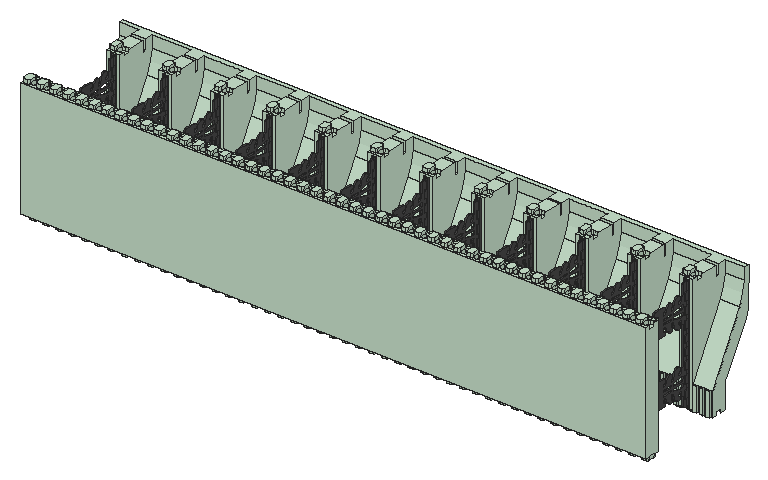
Revit family "ICF- NUDURA 10-inch- Brick Ledge Form Unit- Imperial", category Generic Models, Revit 2010 (continued)
Forms (in)
  Extrusion 166, solid, material "NUDURA Expanded Polystyrene Foam Insulation"
    sketch origin (0, 0, 0) x (0, 1, 0) y (0, 0, 1)
      loop
        line (9.425, 18) -> (8.125, 18) -> (8.125, 16.5)
        arc (8.125, 16.5) -> (7.875, 16.25) -> (7.625, 16.5) r 0.25
        line (7.625, 16.5) -> (7.625, 18) -> (3.25, 18) -> (3.25, 3.625) -> (8.425, 13)
        arc (8.425, 13) -> (9.05432, 14.58521) -> (9.425, 16.25) r 10.75
        line (9.425, 16.25) -> (9.425, 18)
    from 59 to 61
  Extrusion 167, solid, material "NUDURA Expanded Polystyrene Foam Insulation"
    sketch origin (0, 0, 0) x (0, 1, 0) y (0, 0, 1)
      loop
        line (9.425, 18) -> (8.125, 18) -> (8.125, 16.5)
        arc (8.125, 16.5) -> (7.875, 16.25) -> (7.625, 16.5) r 0.25
        line (7.625, 16.5) -> (7.625, 18) -> (3.25, 18) -> (3.25, 3.625) -> (8.425, 13)
        arc (8.425, 13) -> (9.05432, 14.58521) -> (9.425, 16.25) r 10.75
        line (9.425, 16.25) -> (9.425, 18)
    from 67 to 69
  Extrusion 168, solid, material "NUDURA Expanded Polystyrene Foam Insulation"
    sketch origin (0, 0, 0) x (0, 1, 0) y (0, 0, 1)
      loop
        line (9.425, 18) -> (8.125, 18) -> (8.125, 16.5)
        arc (8.125, 16.5) -> (7.875, 16.25) -> (7.625, 16.5) r 0.25
        line (7.625, 16.5) -> (7.625, 18) -> (3.25, 18) -> (3.25, 3.625) -> (8.425, 13)
        arc (8.425, 13) -> (9.05432, 14.58521) -> (9.425, 16.25) r 10.75
        line (9.425, 16.25) -> (9.425, 18)
    from 75 to 77
  Extrusion 169, solid, material "NUDURA Expanded Polystyrene Foam Insulation"
    sketch origin (0, 0, 0) x (0, 1, 0) y (0, 0, 1)
      loop
        line (9.425, 18) -> (8.125, 18) -> (8.125, 16.5)
        arc (8.125, 16.5) -> (7.875, 16.25) -> (7.625, 16.5) r 0.25
        line (7.625, 16.5) -> (7.625, 18) -> (3.25, 18) -> (3.25, 3.625) -> (8.425, 13)
        arc (8.425, 13) -> (9.05432, 14.58521) -> (9.425, 16.25) r 10.75
        line (9.425, 16.25) -> (9.425, 18)
    from 83 to 85
  Extrusion 170, solid, material "NUDURA Expanded Polystyrene Foam Insulation"
    sketch origin (0, 0, 0) x (0, 1, 0) y (0, 0, 1)
      loop
        line (9.425, 18) -> (8.125, 18) -> (8.125, 16.5)
        arc (8.125, 16.5) -> (7.875, 16.25) -> (7.625, 16.5) r 0.25
        line (7.625, 16.5) -> (7.625, 18) -> (3.25, 18) -> (3.25, 3.625) -> (8.425, 13)
        arc (8.425, 13) -> (9.05432, 14.58521) -> (9.425, 16.25) r 10.75
        line (9.425, 16.25) -> (9.425, 18)
    from 91 to 93
  Extrusion 171, solid, material "NUDURA Expanded Polystyrene Foam Insulation"
    sketch origin (0, 0, 0) x (1, 0, 0) y (0, 1, 0)
      loop
        line (95.21883, 3) -> (95.78117, 3) -> (95.71883, 3.25) -> (95.28117, 3.25) -> (95.21883, 3)
      loop
        line (94.21883, 3) -> (94.78117, 3) -> (94.71883, 3.25) -> (94.28117, 3.25) -> (94.21883, 3)
      loop
        line (93.21883, 3) -> (93.78117, 3) -> (93.71883, 3.25) -> (93.28117, 3.25) -> (93.21883, 3)
      loop
        line (90.21883, 3) -> (90.78117, 3) -> (90.71883, 3.25) -> (90.28117, 3.25) -> (90.21883, 3)
      loop
        line (89.21883, 3) -> (89.78117, 3) -> (89.71883, 3.25) -> (89.28117, 3.25) -> (89.21883, 3)
      loop
        line (88.21883, 3) -> (88.78117, 3) -> (88.71883, 3.25) -> (88.28117, 3.25) -> (88.21883, 3)
      loop
        line (87.21883, 3) -> (87.78117, 3) -> (87.71883, 3.25) -> (87.28117, 3.25) -> (87.21883, 3)
      loop
        line (86.21883, 3) -> (86.78117, 3) -> (86.71883, 3.25) -> (86.28117, 3.25) -> (86.21883, 3)
      loop
        line (85.21883, 3) -> (85.78117, 3) -> (85.71883, 3.25) -> (85.28117, 3.25) -> (85.21883, 3)
      loop
        line (82.21883, 3) -> (82.78117, 3) -> (82.71883, 3.25) -> (82.28117, 3.25) -> (82.21883, 3)
      loop
        line (81.21883, 3) -> (81.78117, 3) -> (81.71883, 3.25) -> (81.28117, 3.25) -> (81.21883, 3)
      loop
        line (80.21883, 3) -> (80.78117, 3) -> (80.71883, 3.25) -> (80.28117, 3.25) -> (80.21883, 3)
      loop
        line (79.21883, 3) -> (79.78117, 3) -> (79.71883, 3.25) -> (79.28117, 3.25) -> (79.21883, 3)
      loop
        line (78.21883, 3) -> (78.78117, 3) -> (78.71883, 3.25) -> (78.28117, 3.25) -> (78.21883, 3)
      loop
        line (77.21883, 3) -> (77.78117, 3) -> (77.71883, 3.25) -> (77.28117, 3.25) -> (77.21883, 3)
      loop
        line (74.21883, 3) -> (74.78117, 3) -> (74.71883, 3.25) -> (74.28117, 3.25) -> (74.21883, 3)
      loop
        line (73.21883, 3) -> (73.78117, 3) -> (73.71883, 3.25) -> (73.28117, 3.25) -> (73.21883, 3)
      loop
        line (72.21883, 3) -> (72.78117, 3) -> (72.71883, 3.25) -> (72.28117, 3.25) -> (72.21883, 3)
      loop
        line (71.21883, 3) -> (71.78117, 3) -> (71.71883, 3.25) -> (71.28117, 3.25) -> (71.21883, 3)
      loop
        line (70.21883, 3) -> (70.78117, 3) -> (70.71883, 3.25) -> (70.28117, 3.25) -> (70.21883, 3)
      loop
        line (69.21883, 3) -> (69.78117, 3) -> (69.71883, 3.25) -> (69.28117, 3.25) -> (69.21883, 3)
      loop
        line (66.21883, 3) -> (66.78117, 3) -> (66.71883, 3.25) -> (66.28117, 3.25) -> (66.21883, 3)
      loop
        line (65.21883, 3) -> (65.78117, 3) -> (65.71883, 3.25) -> (65.28117, 3.25) -> (65.21883, 3)
      loop
        line (64.21883, 3) -> (64.78117, 3) -> (64.71883, 3.25) -> (64.28117, 3.25) -> (64.21883, 3)
      loop
        line (63.21883, 3) -> (63.78117, 3) -> (63.71883, 3.25) -> (63.28117, 3.25) -> (63.21883, 3)
      loop
        line (62.21883, 3) -> (62.78117, 3) -> (62.71883, 3.25) -> (62.28117, 3.25) -> (62.21883, 3)
      loop
        line (61.21883, 3) -> (61.78117, 3) -> (61.71883, 3.25) -> (61.28117, 3.25) -> (61.21883, 3)
      loop
        line (58.21883, 3) -> (58.78117, 3) -> (58.71883, 3.25) -> (58.28117, 3.25) -> (58.21883, 3)
      loop
        line (57.21883, 3) -> (57.78117, 3) -> (57.71883, 3.25) -> (57.28117, 3.25) -> (57.21883, 3)
      loop
        line (56.21883, 3) -> (56.78117, 3) -> (56.71883, 3.25) -> (56.28117, 3.25) -> (56.21883, 3)
      loop
        line (55.21883, 3) -> (55.78117, 3) -> (55.71883, 3.25) -> (55.28117, 3.25) -> (55.21883, 3)
      loop
        line (54.21883, 3) -> (54.78117, 3) -> (54.71883, 3.25) -> (54.28117, 3.25) -> (54.21883, 3)
      loop
        line (53.21883, 3) -> (53.78117, 3) -> (53.71883, 3.25) -> (53.28117, 3.25) -> (53.21883, 3)
      loop
        line (50.21883, 3) -> (50.78117, 3) -> (50.71883, 3.25) -> (50.28117, 3.25) -> (50.21883, 3)
      loop
        line (49.21883, 3) -> (49.78117, 3) -> (49.71883, 3.25) -> (49.28117, 3.25) -> (49.21883, 3)
      loop
        line (48.21883, 3) -> (48.78117, 3) -> (48.71883, 3.25) -> (48.28117, 3.25) -> (48.21883, 3)
      loop
        line (47.21883, 3) -> (47.78117, 3) -> (47.71883, 3.25) -> (47.28117, 3.25) -> (47.21883, 3)
      loop
        line (46.21883, 3) -> (46.78117, 3) -> (46.71883, 3.25) -> (46.28117, 3.25) -> (46.21883, 3)
      loop
        line (45.21883, 3) -> (45.78117, 3) -> (45.71883, 3.25) -> (45.28117, 3.25) -> (45.21883, 3)
      loop
        line (42.21883, 3) -> (42.78117, 3) -> (42.71883, 3.25) -> (42.28117, 3.25) -> (42.21883, 3)
      loop
        line (41.21883, 3) -> (41.78117, 3) -> (41.71883, 3.25) -> (41.28117, 3.25) -> (41.21883, 3)
      loop
        line (40.21883, 3) -> (40.78117, 3) -> (40.71883, 3.25) -> (40.28117, 3.25) -> (40.21883, 3)
      loop
        line (39.21883, 3) -> (39.78117, 3) -> (39.71883, 3.25) -> (39.28117, 3.25) -> (39.21883, 3)
      loop
        line (38.21883, 3) -> (38.78117, 3) -> (38.71883, 3.25) -> (38.28117, 3.25) -> (38.21883, 3)
      loop
        line (37.21883, 3) -> (37.78117, 3) -> (37.71883, 3.25) -> (37.28117, 3.25) -> (37.21883, 3)
      loop
        line (34.21883, 3) -> (34.78117, 3) -> (34.71883, 3.25) -> (34.28117, 3.25) -> (34.21883, 3)
      loop
        line (33.21883, 3) -> (33.78117, 3) -> (33.71883, 3.25) -> (33.28117, 3.25) -> (33.21883, 3)
      loop
        line (32.21883, 3) -> (32.78117, 3) -> (32.71883, 3.25) -> (32.28117, 3.25) -> (32.21883, 3)
      loop
        line (31.21883, 3) -> (31.78117, 3) -> (31.71883, 3.25) -> (31.28117, 3.25) -> (31.21883, 3)
      loop
        line (30.21883, 3) -> (30.78117, 3) -> (30.71883, 3.25) -> (30.28117, 3.25) -> (30.21883, 3)
      loop
        line (29.21883, 3) -> (29.78117, 3) -> (29.71883, 3.25) -> (29.28117, 3.25) -> (29.21883, 3)
      loop
        line (26.21883, 3) -> (26.78117, 3) -> (26.71883, 3.25) -> (26.28117, 3.25) -> (26.21883, 3)
      loop
        line (25.21883, 3) -> (25.78117, 3) -> (25.71883, 3.25) -> (25.28117, 3.25) -> (25.21883, 3)
      loop
        line (24.21883, 3) -> (24.78117, 3) -> (24.71883, 3.25) -> (24.28117, 3.25) -> (24.21883, 3)
      loop
        line (23.21883, 3) -> (23.78117, 3) -> (23.71883, 3.25) -> (23.28117, 3.25) -> (23.21883, 3)
      loop
        line (22.21883, 3) -> (22.78117, 3) -> (22.71883, 3.25) -> (22.28117, 3.25) -> (22.21883, 3)
      loop
        line (21.21883, 3) -> (21.78117, 3) -> (21.71883, 3.25) -> (21.28117, 3.25) -> (21.21883, 3)
      loop
        line (18.21883, 3) -> (18.78117, 3) -> (18.71883, 3.25) -> (18.28117, 3.25) -> (18.21883, 3)
      loop
        line (17.21883, 3) -> (17.78117, 3) -> (17.71883, 3.25) -> (17.28117, 3.25) -> (17.21883, 3)
      loop
        line (16.21883, 3) -> (16.78117, 3) -> (16.71883, 3.25) -> (16.28117, 3.25) -> (16.21883, 3)
      loop
        line (15.21883, 3) -> (15.78117, 3) -> (15.71883, 3.25) -> (15.28117, 3.25) -> (15.21883, 3)
      loop
        line (14.21883, 3) -> (14.78117, 3) -> (14.71883, 3.25) -> (14.28117, 3.25) -> (14.21883, 3)
      loop
        line (13.21883, 3) -> (13.78117, 3) -> (13.71883, 3.25) -> (13.28117, 3.25) -> (13.21883, 3)
      loop
        line (10.21883, 3) -> (10.78117, 3) -> (10.71883, 3.25) -> (10.28117, 3.25) -> (10.21883, 3)
      loop
        line (9.21883, 3) -> (9.78117, 3) -> (9.71883, 3.25) -> (9.28117, 3.25) -> (9.21883, 3)
      loop
        line (8.21883, 3) -> (8.78117, 3) -> (8.71883, 3.25) -> (8.28117, 3.25) -> (8.21883, 3)
      loop
        line (7.21883, 3) -> (7.78117, 3) -> (7.71883, 3.25) -> (7.28117, 3.25) -> (7.21883, 3)
      loop
        line (6.21883, 3) -> (6.78117, 3) -> (6.71883, 3.25) -> (6.28117, 3.25) -> (6.21883, 3)
      loop
        line (5.21883, 3) -> (5.78117, 3) -> (5.71883, 3.25) -> (5.28117, 3.25) -> (5.21883, 3)
      loop
        line (2.21883, 3) -> (2.78117, 3) -> (2.71883, 3.25) -> (2.28117, 3.25) -> (2.21883, 3)
      loop
        line (1.21883, 3) -> (1.78117, 3) -> (1.71883, 3.25) -> (1.28117, 3.25) -> (1.21883, 3)
      loop
        line (0.21883, 3) -> (0.78117, 3) -> (0.71883, 3.25) -> (0.28117, 3.25) -> (0.21883, 3)
    from 0 to 3.625
Cuts and joins
  Extrusion 2, Extrusion 3, Extrusion 4, Extrusion 5, Extrusion 6, Extrusion 7, Extrusion 8, Extrusion 9, Extrusion 10, Extrusion 11, Extrusion 12, Extrusion 13, Extrusion 14, Extrusion 15, Extrusion 16, Extrusion 17, Extrusion 18, Extrusion 19, Extrusion 20, Extrusion 21, Extrusion 22, Extrusion 23, Extrusion 24, Extrusion 25, Extrusion 26, Extrusion 27, Extrusion 28, Extrusion 29, Extrusion 30, Extrusion 31, Extrusion 32, Extrusion 33, Extrusion 34, Extrusion 35, Extrusion 36, Extrusion 37, Extrusion 38, Extrusion 39, Extrusion 40, Extrusion 41, Extrusion 42, Extrusion 43, Extrusion 44, Extrusion 45, Extrusion 46, Extrusion 47, Extrusion 48, Extrusion 49, Extrusion 50, Extrusion 51, Extrusion 52, Extrusion 53, Extrusion 54, Extrusion 55, Extrusion 56, Extrusion 57, Extrusion 58, Extrusion 59, Extrusion 60, Extrusion 61, Extrusion 62, Extrusion 63, Extrusion 64, Extrusion 65, Extrusion 66, Extrusion 67, Extrusion 68, Extrusion 69, Extrusion 70, Extrusion 71, Extrusion 72, Extrusion 73, Extrusion 74, Extrusion 75, Extrusion 76, Extrusion 77, Extrusion 78, Extrusion 79, Extrusion 80, Extrusion 81, Extrusion 82, Extrusion 83, Extrusion 84, Extrusion 85, Extrusion 86, Extrusion 87, Extrusion 88, Extrusion 89, Extrusion 90, Extrusion 91, Extrusion 92, Extrusion 93, Extrusion 94, Extrusion 95, Extrusion 96, Extrusion 97, Extrusion 98, Extrusion 99, Extrusion 100, Extrusion 101, Extrusion 102, Extrusion 103, Extrusion 104, Extrusion 105, Extrusion 106, Extrusion 107, Extrusion 108, Extrusion 109, Extrusion 110, Extrusion 111, Extrusion 112, Extrusion 113, Extrusion 114, Extrusion 115, Extrusion 116, Extrusion 117, Extrusion 118, Extrusion 119, Extrusion 120, Extrusion 121, Extrusion 122, Extrusion 123, Extrusion 124, Extrusion 125, Extrusion 126, Extrusion 127, Extrusion 128, Extrusion 129, Extrusion 130, Extrusion 131, Extrusion 132, Extrusion 133, Extrusion 134, Extrusion 135, Extrusion 136, Extrusion 137, Extrusion 138, Extrusion 139, Extrusion 140, Extrusion 141, Extrusion 142, Extrusion 143, Extrusion 144, Extrusion 145, Extrusion 146, Extrusion 147, Extrusion 148, Extrusion 149, Extrusion 150, Extrusion 151, Extrusion 152, Extrusion 153, Extrusion 154, Extrusion 155, Extrusion 156, Extrusion 157 cuts Extrusion 1
  Extrusion 110, Extrusion 111, Extrusion 112, Extrusion 113, Extrusion 114, Extrusion 115, Extrusion 116, Extrusion 117, Extrusion 118, Extrusion 119, Extrusion 120, Extrusion 121, Extrusion 122, Extrusion 123, Extrusion 124, Extrusion 125, Extrusion 126, Extrusion 127, Extrusion 128, Extrusion 129, Extrusion 130, Extrusion 131, Extrusion 132, Extrusion 133, Extrusion 134, Extrusion 135, Extrusion 136, Extrusion 137, Extrusion 138, Extrusion 139, Extrusion 140, Extrusion 141, Extrusion 142, Extrusion 143, Extrusion 144, Extrusion 145, Extrusion 146, Extrusion 147, Extrusion 148, Extrusion 149, Extrusion 150, Extrusion 151, Extrusion 152, Extrusion 153, Extrusion 154, Extrusion 155, Extrusion 156, Extrusion 157 cuts Extrusion 158
  Extrusion 61 cuts Extrusion 159
  Extrusion 60 cuts Extrusion 160
  Extrusion 59 cuts Extrusion 161
  Extrusion 58 cuts Extrusion 162
  Extrusion 57 cuts Extrusion 163
  Extrusion 56 cuts Extrusion 164
  Extrusion 55 cuts Extrusion 165
  Extrusion 54 cuts Extrusion 166
  Extrusion 53 cuts Extrusion 167
  Extrusion 52 cuts Extrusion 168
  Extrusion 51 cuts Extrusion 169
  Extrusion 50 cuts Extrusion 170
  joined: Extrusion 158, Extrusion 159, Extrusion 160, Extrusion 161, Extrusion 162, Extrusion 163, Extrusion 164, Extrusion 165, Extrusion 166, Extrusion 167, Extrusion 168, Extrusion 169, Extrusion 170, Extrusion 171
Lines and regions (in)
  model lines
    curve 1: line (8, -9.625, 18) -> (8, -9.625, 0)
Dimensions and locks (in)
  locked: plane 3 "Center (Left/Right)" to plane 4 at 96
  locked: plane 6 to plane 5 at 10
  locked: plane 5 to plane 7 at 2.625
  locked: plane 8 to plane 6 at 2.625
  locked: plane 9 to level at 18
  locked: plane 4 to plane 3 "Center (Left/Right)" at 96
  locked: plane 9 to plane 10 at 0.5
  locked: plane 11 to level at 0.5
  aligned and locked: plane 9 to Extrusion 1
  aligned and locked: Extrusion 1 to plane 3 "Center (Left/Right)"
  aligned and locked: plane 4 to Extrusion 1
  aligned and locked: level to Extrusion 1
  aligned and locked: nested 1 to plane 8
  aligned and locked: nested 116 to cut or joined group 1 (Extrusion 1, Extrusion 2, Extrusion 3, Extrusion 4, Extrusion 5, Extrusion 6, Extrusion 7, Extrusion 8, Extrusion 9, Extrusion 10, Extrusion 11, Extrusion 12, Extrusion 13, Extrusion 14, Extrusion 15, Extrusion 16, Extrusion 17, Extrusion 18, Extrusion 19, Extrusion 20, Extrusion 21, Extrusion 22, Extrusion 23, Extrusion 24, Extrusion 25, Extrusion 26, Extrusion 27, Extrusion 28, Extrusion 29, Extrusion 30, Extrusion 31, Extrusion 32, Extrusion 33, Extrusion 34, Extrusion 35, Extrusion 36, Extrusion 37, Extrusion 38, Extrusion 39, Extrusion 40, Extrusion 41, Extrusion 42, Extrusion 43, Extrusion 44, Extrusion 45, Extrusion 46, Extrusion 47, Extrusion 48, Extrusion 49, Extrusion 50, Extrusion 51, Extrusion 52, Extrusion 53, Extrusion 54, Extrusion 55, Extrusion 56, Extrusion 57, Extrusion 58, Extrusion 59, Extrusion 60, Extrusion 61, Extrusion 62, Extrusion 63, Extrusion 64, Extrusion 65, Extrusion 66, Extrusion 67, Extrusion 68, Extrusion 69, Extrusion 70, Extrusion 71, Extrusion 72, Extrusion 73, Extrusion 74, Extrusion 75, Extrusion 76, Extrusion 77, Extrusion 78, Extrusion 79, Extrusion 80, Extrusion 81, Extrusion 82, Extrusion 83, Extrusion 84, Extrusion 85, Extrusion 86, Extrusion 87, Extrusion 88, Extrusion 89, Extrusion 90, Extrusion 91, Extrusion 92, Extrusion 93, Extrusion 94, Extrusion 95, Extrusion 96, Extrusion 97, Extrusion 98, Extrusion 99, Extrusion 100, Extrusion 101, Extrusion 102, Extrusion 103, Extrusion 104, Extrusion 105, Extrusion 106, Extrusion 107, Extrusion 108, Extrusion 109, Extrusion 110, Extrusion 111, Extrusion 112, Extrusion 113, Extrusion 114, Extrusion 115, Extrusion 116, Extrusion 117, Extrusion 118, Extrusion 119, Extrusion 120, Extrusion 121, Extrusion 122, Extrusion 123, Extrusion 124, Extrusion 125, Extrusion 126, Extrusion 127, Extrusion 128, Extrusion 129, Extrusion 130, Extrusion 131, Extrusion 132, Extrusion 133, Extrusion 134, Extrusion 135, Extrusion 136, Extrusion 137, Extrusion 138, Extrusion 139, Extrusion 140, Extrusion 141, Extrusion 142, Extrusion 143, Extrusion 144, Extrusion 145, Extrusion 146, Extrusion 147, Extrusion 148, Extrusion 149, Extrusion 150, Extrusion 151, Extrusion 152, Extrusion 153, Extrusion 154, Extrusion 155, Extrusion 156, Extrusion 157)
  aligned and locked: cut or joined group 1 to cut or joined group 2 (Extrusion 50, Extrusion 51, Extrusion 52, Extrusion 53, Extrusion 54, Extrusion 55, Extrusion 56, Extrusion 57, Extrusion 58, Extrusion 59, Extrusion 60, Extrusion 61, Extrusion 110, Extrusion 111, Extrusion 112, Extrusion 113, Extrusion 114, Extrusion 115, Extrusion 116, Extrusion 117, Extrusion 118, Extrusion 119, Extrusion 120, Extrusion 121, Extrusion 122, Extrusion 123, Extrusion 124, Extrusion 125, Extrusion 126, Extrusion 127, Extrusion 128, Extrusion 129, Extrusion 130, Extrusion 131, Extrusion 132, Extrusion 133, Extrusion 134, Extrusion 135, Extrusion 136, Extrusion 137, Extrusion 138, Extrusion 139, Extrusion 140, Extrusion 141, Extrusion 142, Extrusion 143, Extrusion 144, Extrusion 145, Extrusion 146, Extrusion 147, Extrusion 148, Extrusion 149, Extrusion 150, Extrusion 151, Extrusion 152, Extrusion 153, Extrusion 154, Extrusion 155, Extrusion 156, Extrusion 157, Extrusion 158, Extrusion 159, Extrusion 160, Extrusion 161, Extrusion 162, Extrusion 163, Extrusion 164, Extrusion 165, Extrusion 166, Extrusion 167, Extrusion 168, Extrusion 169, Extrusion 170, Extrusion 171)
  aligned and locked: cut or joined group 2 to nested 266
  aligned and locked: cut or joined group 2 to nested 267
  aligned and locked: cut or joined group 1 to nested 264
  aligned and locked: cut or joined group 1 to nested 263
  aligned and locked: cut or joined group 1 to nested 262
  aligned and locked: nested 261 to cut or joined group 1
  aligned and locked: nested 2 to cut or joined group 1
  aligned and locked: nested 3 to cut or joined group 1
  aligned and locked: nested 4 to cut or joined group 1
  aligned and locked: nested 5 to cut or joined group 1
  aligned and locked: nested 6 to cut or joined group 1
  aligned and locked: nested 7 to cut or joined group 1
  aligned: nested 8 to cut or joined group 1
  aligned and locked: nested 8 to cut or joined group 1
Nested families (in)
  nested 1: "NUDURA Diamond Pattern" at (0, -4, 0), type "NUDURA Diamond Pattern"
  nested 2: "NUDURA Diamond Pattern" at (16, -4, 0), type "NUDURA Diamond Pattern"
  nested 3: "NUDURA Diamond Pattern" at (24, -4, 0), type "NUDURA Diamond Pattern"
  nested 4: "NUDURA Diamond Pattern" at (40, -4, 0), type "NUDURA Diamond Pattern"
  nested 5: "NUDURA Diamond Pattern" at (48, -4, 0), type "NUDURA Diamond Pattern"
  nested 6: "NUDURA Diamond Pattern" at (64, -4, 0), type "NUDURA Diamond Pattern"
  nested 7: "NUDURA Diamond Pattern" at (72, -4, 0), type "NUDURA Diamond Pattern"
  nested 8: "NUDURA Diamond Pattern" at (88, -4, 0), type "NUDURA Diamond Pattern"
  nested 9: "Interlock Tooth" at (0, -4, 0), type "Interlock Tooth"
  nested 10: "Interlock Tooth" at (2, -4, 0), type "Interlock Tooth"
  nested 11: "Interlock Tooth" at (4, -4, 0), type "Interlock Tooth"
  nested 12: "Interlock Tooth" at (6, -4, 0), type "Interlock Tooth"
  nested 13: "Interlock Tooth" at (8, -4, 0), type "Interlock Tooth"
  nested 14: "Interlock Tooth" at (10, -4, 0), type "Interlock Tooth"
  nested 15: "Interlock Tooth" at (12, -4, 0), type "Interlock Tooth"
  nested 16: "Interlock Tooth" at (14, -4, 0), type "Interlock Tooth"
  nested 17: "Interlock Tooth" at (16, -4, 0), type "Interlock Tooth"
  nested 18: "Interlock Tooth" at (18, -4, 0), type "Interlock Tooth"
  nested 19: "Interlock Tooth" at (20, -4, 0), type "Interlock Tooth"
  nested 20: "Interlock Tooth" at (22, -4, 0), type "Interlock Tooth"
  nested 21: "Interlock Tooth" at (24, -4, 0), type "Interlock Tooth"
  nested 22: "Interlock Tooth" at (26, -4, 0), type "Interlock Tooth"
  nested 23: "Interlock Tooth" at (28, -4, 0), type "Interlock Tooth"
  nested 24: "Interlock Tooth" at (30, -4, 0), type "Interlock Tooth"
  nested 25: "Interlock Tooth" at (32, -4, 0), type "Interlock Tooth"
  nested 26: "Interlock Tooth" at (34, -4, 0), type "Interlock Tooth"
  nested 27: "Interlock Tooth" at (36, -4, 0), type "Interlock Tooth"
  nested 28: "Interlock Tooth" at (38, -4, 0), type "Interlock Tooth"
  nested 29: "Interlock Tooth" at (40, -4, 0), type "Interlock Tooth"
  nested 30: "Interlock Tooth" at (42, -4, 0), type "Interlock Tooth"
  nested 31: "Interlock Tooth" at (44, -4, 0), type "Interlock Tooth"
  nested 32: "Interlock Tooth" at (46, -4, 0), type "Interlock Tooth"
  nested 33: "Interlock Tooth" at (48, -4, 0), type "Interlock Tooth"
  nested 34: "Interlock Tooth" at (50, -4, 0), type "Interlock Tooth"
  nested 35: "Interlock Tooth" at (52, -4, 0), type "Interlock Tooth"
  nested 36: "Interlock Tooth" at (54, -4, 0), type "Interlock Tooth"
  nested 37: "Interlock Tooth" at (56, -4, 0), type "Interlock Tooth"
  nested 38: "Interlock Tooth" at (58, -4, 0), type "Interlock Tooth"
  nested 39: "Interlock Tooth" at (60, -4, 0), type "Interlock Tooth"
  nested 40: "Interlock Tooth" at (62, -4, 0), type "Interlock Tooth"
  nested 41: "Interlock Tooth" at (64, -4, 0), type "Interlock Tooth"
  nested 42: "Interlock Tooth" at (66, -4, 0), type "Interlock Tooth"
  nested 43: "Interlock Tooth" at (68, -4, 0), type "Interlock Tooth"
  nested 44: "Interlock Tooth" at (70, -4, 0), type "Interlock Tooth"
  nested 45: "Interlock Tooth" at (72, -4, 0), type "Interlock Tooth"
  nested 46: "Interlock Tooth" at (74, -4, 0), type "Interlock Tooth"
  nested 47: "Interlock Tooth" at (76, -4, 0), type "Interlock Tooth"
  nested 48: "Interlock Tooth" at (78, -4, 0), type "Interlock Tooth"
  nested 49: "Interlock Tooth" at (80, -4, 0), type "Interlock Tooth"
  nested 50: "Interlock Tooth" at (82, -4, 0), type "Interlock Tooth"
  nested 51: "Interlock Tooth" at (84, -4, 0), type "Interlock Tooth"
  nested 52: "Interlock Tooth" at (86, -4, 0), type "Interlock Tooth"
  nested 53: "Interlock Tooth" at (88, -4, 0), type "Interlock Tooth"
  nested 54: "Interlock Tooth" at (90, -4, 0), type "Interlock Tooth"
  nested 55: "Interlock Tooth" at (92, -4, 0), type "Interlock Tooth"
  nested 56: "Interlock Tooth" at (94, -4, 0), type "Interlock Tooth"
  nested 57: "Interlock Tooth" at (3, 8.875, 0), type "Interlock Tooth"
  nested 58: "Interlock Tooth" at (11, 8.875, 0), type "Interlock Tooth"
  nested 59: "Interlock Tooth" at (19, 8.875, 0), type "Interlock Tooth"
  nested 60: "Interlock Tooth" at (27, 8.875, 0), type "Interlock Tooth"
  nested 61: "Interlock Tooth" at (35, 8.875, 0), type "Interlock Tooth"
  nested 62: "Interlock Tooth" at (43, 8.875, 0), type "Interlock Tooth"
  nested 63: "Interlock Tooth" at (51, 8.875, 0), type "Interlock Tooth"
  nested 64: "Interlock Tooth" at (59, 8.875, 0), type "Interlock Tooth"
  nested 65: "Interlock Tooth" at (67, 8.875, 0), type "Interlock Tooth"
  nested 66: "Interlock Tooth" at (75, 8.875, 0), type "Interlock Tooth"
  nested 67: "Interlock Tooth" at (83, 8.875, 0), type "Interlock Tooth"
  nested 68: "Interlock Tooth" at (91, 8.875, 0), type "Interlock Tooth"
  nested 69: "Interlock Tooth" at (1, -12.875, -18.5), type "Interlock Tooth"
  nested 70: "Interlock Tooth" at (3, -12.875, -18.5), type "Interlock Tooth"
  nested 71: "Interlock Tooth" at (5, -12.875, -18.5), type "Interlock Tooth"
  nested 72: "Interlock Tooth" at (7, -12.875, -18.5), type "Interlock Tooth"
  nested 73: "Interlock Tooth" at (9, -12.875, -18.5), type "Interlock Tooth"
  nested 74: "Interlock Tooth" at (11, -12.875, -18.5), type "Interlock Tooth"
